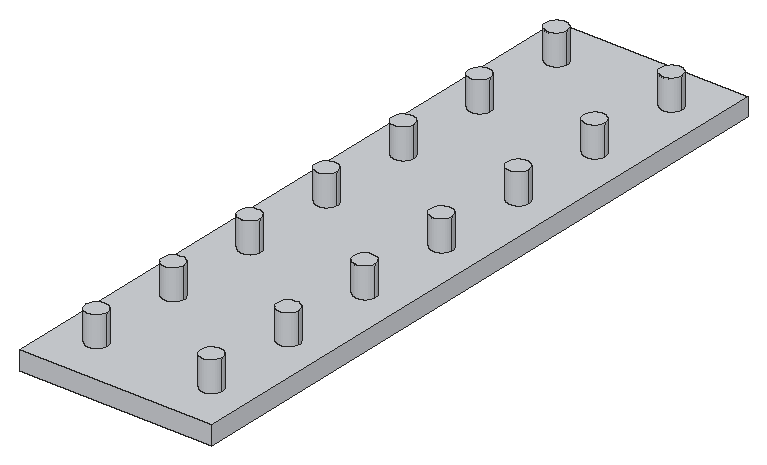
Revit family "AIGRAV_EndPlate_WF400", category Structural Connections, Revit 2026
Family settings
  Material for Model Behavior = Other
  Work Plane-Based = No
  Enable Cutting in Views = Yes
  Always vertical = Yes
  Cut with Voids When Loaded = No
  Shared = No
Parameters
  Default Elevation = 0 mm
Reference planes
  plane 1 "Center (Front/Back)": y = 0
  plane 2: z = 0
  plane 3 "Center (Left/Right)": x = 0
Forms (mm)
  Extrusion 1, solid
    sketch origin (0, 0, 0) x (1, 0, 0) y (0, 1, 0)
      loop
        line (-100, -350) -> (100, -350) -> (100, 350) -> (-100, 350) -> (-100, -350)
    from 0 to 19
  Extrusion 2, solid
    sketch origin (0, 0, 0) x (1, 0, 0) y (0, 1, 0)
      loop
        circle (60, 300) r 11
    from 0 to 50
  Extrusion 3, solid
    sketch origin (0, 0, 0) x (1, 0, 0) y (0, 1, 0)
      loop
        circle (-60, 300) r 11
    from 0 to 50
  Extrusion 4, solid
    sketch origin (0, 0, 0) x (1, 0, 0) y (0, 1, 0)
      loop
        circle (60, 200) r 11
    from 0 to 50
  Extrusion 5, solid
    sketch origin (0, 0, 0) x (1, 0, 0) y (0, 1, 0)
      loop
        circle (-60, 200) r 11
    from 0 to 50
  Extrusion 6, solid
    sketch origin (0, 0, 0) x (1, 0, 0) y (0, 1, 0)
      loop
        circle (60, 100) r 11
    from 0 to 50
  Extrusion 7, solid
    sketch origin (0, 0, 0) x (1, 0, 0) y (0, 1, 0)
      loop
        circle (-60, 100) r 11
    from 0 to 50
  Extrusion 8, solid
    sketch origin (0, 0, 0) x (1, 0, 0) y (0, 1, 0)
      loop
        circle (60, 0) r 11
    from 0 to 50
  Extrusion 9, solid
    sketch origin (0, 0, 0) x (1, 0, 0) y (0, 1, 0)
      loop
        circle (-60, 0) r 11
    from 0 to 50
  Extrusion 10, solid
    sketch origin (0, 0, 0) x (1, 0, 0) y (0, 1, 0)
      loop
        circle (60, -100) r 11
    from 0 to 50
  Extrusion 11, solid
    sketch origin (0, 0, 0) x (1, 0, 0) y (0, 1, 0)
      loop
        circle (-60, -100) r 11
    from 0 to 50
  Extrusion 12, solid
    sketch origin (0, 0, 0) x (1, 0, 0) y (0, 1, 0)
      loop
        circle (60, -200) r 11
    from 0 to 50
  Extrusion 13, solid
    sketch origin (0, 0, 0) x (1, 0, 0) y (0, 1, 0)
      loop
        circle (-60, -200) r 11
    from 0 to 50
  Extrusion 14, solid
    sketch origin (0, 0, 0) x (1, 0, 0) y (0, 1, 0)
      loop
        circle (60, -300) r 11
    from 0 to 50
  Extrusion 15, solid
    sketch origin (0, 0, 0) x (1, 0, 0) y (0, 1, 0)
      loop
        circle (-60, -300) r 11
    from 0 to 50
Dimensions and locks
  aligned and locked: level to plane 2
